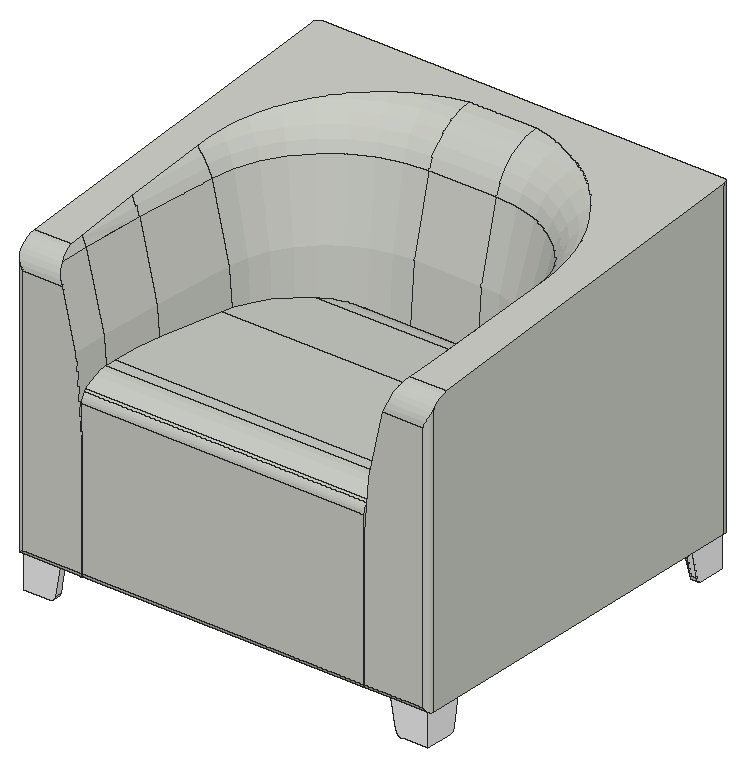
Revit family "Elan_Ellsworth_One_LoungeChair", category Furniture, Revit 2012
Parameters
  Width = 2' - 9"  # constant formula
  URL = "http://elanbydecca.com/"
  Upholstery [instance] = Furniture - DECCA (Elan) - Ellsworth - Upholstery
  Base [instance] = Furniture - DECCA (Elan) - Ellsworth - Base
  Product URL = "http://elanbydecca.com/PDFs/TearSheet/Ellsworth%20Tear%20Sheet.pdf"
  Model = "MK TC300U"
  Manufacturer = "Decca Elan"
  Height = 2' - 4"  # constant formula
  Description = "Ellsworth One Lounge Chair"
  Depth = 2' - 6"  # constant formula
  Assembly Description = "Furniture & Accessories"
  Assembly Code = "E2020200"
Reference planes (in)
  plane 1 "Center Front/Back": y = -0.7523997
  plane 2: z = 0
  plane 3 "Center Left/Right": x = 0
  plane 4 "L": x = -16.5
  plane 5 "R": x = 16.5
  plane 6 "F": y = -15.7523997
  plane 7: y = 14.2476003
  plane 8: through (-6.2533827, 2.3323677, 23.3895262) normal (0.4297, -0.4297, 0.7941)
  plane 9 "ST": z = 28
  plane 10 "BB": z = 2.875
  plane 11: z = 0.1875
  plane 12: x = -16.1875
  plane 13: x = -13.1875
  plane 14: x = 16.1875
  plane 15: x = 13.1875
  plane 16: y = -12.7523997
  plane 17: y = 11.2476003
  plane 18: z = 17
  plane 19: y = 6.2163396
Forms (in)
  Sweep 1, solid, material "Furniture - DECCA (Elan) - Ellsworth - Upholstery" <- "Upholstery"
    path origin (0, 0, 2.875) x (-1, 0, 0) y (0, -1, 0)
      loop
        line (-11.3074654, 15.7523997) -> (-11.3074654, 12.8786985)
        arc (-11.3074654, 12.8786985) -> (-11.263605, 10.3659347) -> (-11.132077, 7.8562324) r 72
        line (-11.132077, 7.8562324) -> (-10.6684186, 1.2256086)
        arc (-10.6684186, 1.2256086) -> (-8.1438931, -4.0671692) -> (-2.6879062, -6.2163396) r 8
        line (-2.6879062, -6.2163396) -> (2.6879062, -6.2163396)
        arc (2.6879062, -6.2163396) -> (8.1438931, -4.0671692) -> (10.6684186, 1.2256086) r 8
        line (10.6684186, 1.2256086) -> (11.132077, 7.8562324)
        arc (11.132077, 7.8562324) -> (11.263605, 10.3659347) -> (11.3074654, 12.8786985) r 72
        line (11.3074654, 12.8786985) -> (11.3074654, 15.7523997)
    profile origin (0, 6.2163396, 2.875) x (0, -1, 0) y (0, 0, 1)
      loop
        line (0, 0) -> (0, 10.0216963)
        arc (0, 10.0216963) -> (-0.4940232, 15.9652318) -> (-1.9625341, 21.7456425) r 36
        arc (-1.9625341, 21.7456425) -> (-3.510919, 23.9274319) -> (-5.992833, 24.9263332) r 4.75
        line (-5.992833, 24.9263332) -> (-15.5, 25.8529092) -> (-15.5, 0) -> (0, 0)
  Extrusion 2, void
    sketch origin (0, 0, 0) x (0, 1, 0) y (0, 0, 1)
      loop
        line (22.7476003, 28.8284167) -> (22.7476003, 31.5) -> (-19.7523997, 31.5) -> (-19.7523997, 0) -> (-15.2523997, 0) -> (-15.2523997, 2.875) -> (-15.4398997, 2.875)
        arc (-15.4398997, 2.875) -> (-15.6608706, 2.9665291) -> (-15.7523997, 3.1875) r 0.3125
        line (-15.7523997, 3.1875) -> (-15.7523997, 23.2616219)
        arc (-15.7523997, 23.2616219) -> (-15.2336163, 24.605496) -> (-13.9464021, 25.2521905) r 2
        line (-13.9464021, 25.2521905) -> (22.7476003, 28.8284167)
    from -27.955407 to 26.8958693
  Extrusion 3, void
    sketch origin (0, 0, 2.875) x (-1, 0, 0) y (0, -1, 0)
      loop
        line (16.5, -13.7476003) -> (16.5, 15.2523997)
        arc (16.5, 15.2523997) -> (16.3535534, 15.6059531) -> (16, 15.7523997) r 0.5
        line (16, 15.7523997) -> (-16, 15.7523997)
        arc (-16, 15.7523997) -> (-16.3535534, 15.6059531) -> (-16.5, 15.2523997) r 0.5
        line (-16.5, 15.2523997) -> (-16.5, -13.7476003)
        arc (-16.5, -13.7476003) -> (-16.3535534, -14.1011536) -> (-16, -14.2476003) r 0.5
        line (-16, -14.2476003) -> (16, -14.2476003)
        arc (16, -14.2476003) -> (16.3535534, -14.1011536) -> (16.5, -13.7476003) r 0.5
      loop
        arc (16, -26.2476003) -> (24.8388348, -22.586435) -> (28.5, -13.7476003) r 12.5
        line (28.5, -13.7476003) -> (28.5, 15.2523997)
        arc (28.5, 15.2523997) -> (24.8388348, 24.0912345) -> (16, 27.7523997) r 12.5
        line (16, 27.7523997) -> (-16, 27.7523997)
        arc (-16, 27.7523997) -> (-24.8388348, 24.0912345) -> (-28.5, 15.2523997) r 12.5
        line (-28.5, 15.2523997) -> (-28.5, -13.7476003)
        arc (-28.5, -13.7476003) -> (-24.8388348, -22.586435) -> (-16, -26.2476003) r 12.5
        line (-16, -26.2476003) -> (16, -26.2476003)
    from -2.875 to 28.625
  Extrusion 4, solid, material "Furniture - DECCA (Elan) - Ellsworth - Upholstery" <- "Upholstery"
    sketch origin (0, 0, 0) x (0, 1, 0) y (0, 0, 1)
      loop
        line (6.2163396, 2.875) -> (6.2163396, 13.8704933)
        arc (6.2163396, 13.8704933) -> (6.0951567, 14.347652) -> (5.7609786, 14.7091639) r 1
        line (5.7609786, 14.7091639) -> (5.5897111, 14.8203862)
        arc (5.5897111, 14.8203862) -> (4.8088435, 15.2135656) -> (3.9612061, 15.4277039) r 4
        line (3.9612061, 15.4277039) -> (-2.4371565, 16.3159994)
        arc (-2.4371565, 16.3159994) -> (-7.3758173, 16.8287963) -> (-12.338077, 17) r 72
        line (-12.338077, 17) -> (-13.278241, 17)
        arc (-13.278241, 17) -> (-14.3533448, 16.8007413) -> (-15.2856328, 16.2294345) r 3
        line (-15.2856328, 16.2294345) -> (-15.4215303, 16.1070718)
        arc (-15.4215303, 16.1070718) -> (-15.6659452, 15.7706636) -> (-15.7523997, 15.3639269) r 1
        line (-15.7523997, 15.3639269) -> (-15.7523997, 3.1875)
        arc (-15.7523997, 3.1875) -> (-15.6608706, 2.9665291) -> (-15.4398997, 2.875) r 0.3125
        line (-15.4398997, 2.875) -> (6.2163396, 2.875)
    from -13.1875 to 13.1875
  Extrusion 5, void
    sketch origin (0, 0, 2.875) x (-1, 0, 0) y (0, -1, 0)
      loop
        arc (-2.6879062, -6.2163396) -> (-8.1438931, -4.0671692) -> (-10.6684186, 1.2256086) r 8
        line (-10.6684186, 1.2256086) -> (-11.132077, 7.8562324)
        arc (-11.132077, 7.8562324) -> (-11.263605, 10.3659347) -> (-11.3074654, 12.8786985) r 72
        line (-11.3074654, 12.8786985) -> (-11.3074654, 15.7523997) -> (-14.6925346, 15.7523997) -> (-14.6925346, -11.2476003) -> (14.8074654, -11.2476003) -> (14.8074654, 15.7523997) -> (11.3074654, 15.7523997) -> (11.3074654, 12.8786985)
        arc (11.3074654, 12.8786985) -> (11.263605, 10.3659347) -> (11.132077, 7.8562324) r 72
        line (11.132077, 7.8562324) -> (10.6684186, 1.2256086)
        arc (10.6684186, 1.2256086) -> (8.1438931, -4.0671692) -> (2.6879062, -6.2163396) r 8
        line (2.6879062, -6.2163396) -> (-2.6879062, -6.2163396)
    from 0 to 15.8970439
Cuts and joins
  Extrusion 2, Extrusion 3 cuts Sweep 1
  Extrusion 5 cuts Extrusion 4
Dimensions and locks (in)
  equal spacing: plane 7, plane 1 "Center Front/Back", plane 6 "F"
  "Depth": plane 7 to plane 6 "F"
  "Height": plane 9 "ST" to level
  equal spacing: plane 4 "L", plane 3 "Center Left/Right", plane 5 "R"
  "Width": plane 4 "L" to plane 5 "R"
  locked: plane 12 to plane 4 "L" at 0.3125
  locked: plane 13 to plane 12 at 3
  locked: plane 15 to plane 14 at 3
  locked: plane 14 to plane 5 "R" at 0.3125
  locked: plane 16 to plane 6 "F" at 3
  locked: plane 7 to plane 17 at 3
  plane 18 to level = 1' - 5"
  locked: plane 6 "F" to nested 1 at 0.3125
  locked: nested 2 to plane 7 at 0.3125
  locked: plane 7 to nested 4 at 0.3125
  locked: nested 3 to plane 6 "F" at 0.3125
  locked: nested 3 to plane 5 "R" at 0.3125
  locked: nested 4 to plane 5 "R" at 0.3125
  locked: plane 4 "L" to nested 2 at 0.3125
  locked: plane 4 "L" to nested 1 at 0.3125
Automatic sketch dimensions
  Sweep 1 sketch curve to plane 6 "F" = 0' - 0"  (x2)
  plane 19 to Sweep 1 sketch curve = 0' - 0"
  plane 16 to Sweep 1 sketch curve = 0' - 0.1263"  (x2)
  Sweep 1 sketch curve to plane 5 "R" = 3' - 8.19253"
  plane 15 to Sweep 1 sketch curve = 0' - 1.88003"
  plane 15 to Sweep 1 sketch curve = 0' - 2.05542"
  plane 1 "Center Front/Back" to Sweep 1 sketch curve = 0' - 0.47321"  (x2)
  plane 15 to Sweep 1 sketch curve = 0' - 2.51908"
  plane 3 "Center Left/Right" to Sweep 1 sketch curve = 0' - 2.68791"
  plane 1 "Center Front/Back" to Sweep 1 sketch curve = 0' - 1 1/32"
  Sweep 1 sketch curve to plane 3 "Center Left/Right" = 0' - 2.68791"
  plane 13 to Sweep 1 sketch curve = 0' - 2.05542"
  Sweep 1 sketch curve to Sweep 1 sketch curve = 0' - 0.17539"
  Sweep 1 sketch curve to plane 4 "L" = 3' - 8.19253"
  Extrusion 3 sketch curve to plane 5 "R" = 0' - 0"
  Extrusion 3 sketch curve to plane 6 "F" = 0' - 0"
  Extrusion 3 sketch curve to plane 7 = 0' - 0"
  Extrusion 3 sketch curve to plane 4 "L" = 0' - 0"
  plane 14 to Extrusion 3 sketch curve = 0' - 0 3/16"  (x2)
  plane 12 to Extrusion 3 sketch curve = 0' - 0 3/16"  (x2)
  Extrusion 3 sketch curve to plane 5 "R" = 1' - 0"
  Extrusion 3 sketch curve to Extrusion 3 sketch curve = 0' - 0"  (x7)
  Sweep 1 sketch curve to plane 10 "BB" = 0' - 0"
  Sweep 1 sketch curve to profile plane = 0' - 0"
  profile plane to Sweep 1 sketch curve = 0' - 1.96253"
  Sweep 1 sketch curve to Sweep 1 sketch curve = 0' - 0"
  Sweep 1 sketch curve to Sweep 1 sketch curve = 0' - 4.0303"
  Sweep 1 sketch curve to Sweep 1 sketch curve = 0' - 0.46076"
  Sweep 1 sketch curve to Sweep 1 sketch curve = 1' - 3 1/2"
  plane 10 "BB" to Sweep 1 sketch curve = 0' - 10.0217"
  Sweep 1 sketch curve to Sweep 1 sketch curve = 1' - 8 1/2"
  Sweep 1 sketch curve to Sweep 1 sketch curve = 0' - 0.92658"
  Extrusion 4 sketch curve to plane 6 "F" = 0' - 0"
  Extrusion 4 sketch curve to plane 10 "BB" = 0' - 0"
  plane 18 to Extrusion 4 sketch curve = 0' - 0"
  Extrusion 4 sketch curve to plane 19 = 0' - 0"
  plane 6 "F" to Extrusion 4 sketch curve = 0' - 0.33087"
  Extrusion 4 sketch curve to Extrusion 4 sketch curve = 0' - 0.1359"
  plane 6 "F" to Extrusion 4 sketch curve = 0' - 0 5/16"
  Extrusion 4 sketch curve to Extrusion 4 sketch curve = 0' - 1"  (x2)
  plane 16 to Extrusion 4 sketch curve = 0' - 0.52584"
  Extrusion 4 sketch curve to plane 16 = 0' - 0.41432"
  plane 18 to Extrusion 4 sketch curve = 0' - 0.684"
  plane 1 "Center Front/Back" to Extrusion 4 sketch curve = 0' - 1.68476"
  plane 19 to Extrusion 4 sketch curve = 0' - 2.80518"
  plane 19 to Extrusion 4 sketch curve = 0' - 2.25513"
  plane 19 to Extrusion 4 sketch curve = 0' - 0.62663"
  Extrusion 4 sketch curve to Extrusion 4 sketch curve = 0' - 0.17127"
  plane 18 to Extrusion 4 sketch curve = 0' - 5.5343"
  Extrusion 4 sketch curve to Extrusion 4 sketch curve = 0' - 2.40479"
  Extrusion 4 sketch curve to Extrusion 4 sketch curve = 0' - 3"
  Extrusion 4 sketch curve to Extrusion 4 sketch curve = 0' - 0.11122"
  Extrusion 4 sketch curve to Extrusion 4 sketch curve = 0' - 0.86551"
  Extrusion 5 sketch curve to plane 17 = 0' - 0"
  Extrusion 5 sketch curve to plane 6 "F" = 0' - 0"  (x2)
  plane 19 to Extrusion 5 sketch curve = 0' - 0"
  plane 16 to Extrusion 5 sketch curve = 0' - 0.1263"  (x2)
  Extrusion 5 sketch curve to plane 5 "R" = 3' - 8.19253"
  plane 14 to Extrusion 5 sketch curve = 0' - 1.49497"
  plane 15 to Extrusion 5 sketch curve = 0' - 1.88003"
  plane 15 to Extrusion 5 sketch curve = 0' - 2.05542"
  plane 1 "Center Front/Back" to Extrusion 5 sketch curve = 0' - 0.47321"  (x2)
  plane 15 to Extrusion 5 sketch curve = 0' - 2.51908"
  plane 3 "Center Left/Right" to Extrusion 5 sketch curve = 0' - 2.68791"
  Extrusion 5 sketch curve to plane 3 "Center Left/Right" = 0' - 2.68791"
  plane 13 to Extrusion 5 sketch curve = 0' - 2.51908"
  plane 13 to Extrusion 5 sketch curve = 0' - 2.05542"
  Extrusion 5 sketch curve to Extrusion 5 sketch curve = 0' - 0.17539"
  plane 12 to Extrusion 5 sketch curve = 0' - 1.38003"
  Extrusion 5 sketch curve to plane 4 "L" = 3' - 8.19253"
  Extrusion 2 sketch curve to level = 0' - 0"
  Extrusion 2 sketch curve to plane 6 "F" = 0' - 0"
  Extrusion 2 sketch curve to plane 10 "BB" = 0' - 0"
  Extrusion 2 sketch curve to plane 6 "F" = 0' - 4"
  Extrusion 2 sketch curve to Extrusion 2 sketch curve = 0' - 0 5/16"
  Extrusion 2 sketch curve to Extrusion 2 sketch curve = 0' - 0 3/16"
  plane 16 to Extrusion 2 sketch curve = 0' - 1.194"
  plane 16 to Extrusion 2 sketch curve = 0' - 1"
  plane 9 "ST" to Extrusion 2 sketch curve = 0' - 3 1/2"
  plane 7 to Extrusion 2 sketch curve = 0' - 8 1/2"
  Extrusion 2 sketch curve to plane 9 "ST" = 0' - 4.73838"
  plane 9 "ST" to Extrusion 2 sketch curve = 0' - 0.82842"
Nested families (in)
  nested 1: "Elan_Ellsworth_One_LoungeLEG" at (-16.1875, -14.6875, 0), Base <- "Base", type "Elan_Ellsworth_One_LoungeLEG"
    with Upholstery Furniture - DECCA (Elan) - Ellsworth - Upholstery, Base Furniture - DECCA (Elan) - Ellsworth - Base
  nested 2: "Elan_Ellsworth_One_LoungeLEG" at (-16.1875, 13.1827005, 0), Base <- "Base", type "Elan_Ellsworth_One_LoungeLEG"
    with Upholstery Furniture - DECCA (Elan) - Ellsworth - Upholstery, Base Furniture - DECCA (Elan) - Ellsworth - Base
  nested 3: "Elan_Ellsworth_One_LoungeLEG" at (16.1875, -14.6875, 0) x (-1, 0, 0) z (0, 0, 1), Base <- "Base", type "Elan_Ellsworth_One_LoungeLEG"
    with Upholstery Furniture - DECCA (Elan) - Ellsworth - Upholstery, Base Furniture - DECCA (Elan) - Ellsworth - Base
  nested 4: "Elan_Ellsworth_One_LoungeLEG" at (16.1875, 13.1827005, 0) x (-1, 0, 0) z (0, 0, 1), Base <- "Base", type "Elan_Ellsworth_One_LoungeLEG"
    with Upholstery Furniture - DECCA (Elan) - Ellsworth - Upholstery, Base Furniture - DECCA (Elan) - Ellsworth - Base
Definition of nested family "Elan_Ellsworth_One_LoungeLEG"
  Parameters (values of type "Elan_Ellsworth_One_LoungeLEG")
    WoodBack = no
    Width = 2' - 9"  # constant formula
    URL = "http://elanbydecca.com/"
    Upholstery [instance] = Furniture - DECCA (Elan) - Ellsworth - Upholstery
    Base [instance] = Furniture - DECCA (Elan) - Ellsworth - Base
    Product URL = "http://elanbydecca.com/PDFs/elan_tearsheet-ava.pdf"
    Model = "MK TC300V"
    Manufacturer = "Decca Elan"
    Height = 2' - 4"  # constant formula
    Description = "Ellsworth One Lounge Chair"
    Depth = 2' - 6"  # constant formula
    Assembly Description = "Furniture & Accessories"
    Assembly Code = "E2020200"
    Back = Furniture - DECCA (Elan) - Ellsworth - Base
  Reference planes (in)
    plane 1 "Center Front/Back": y = -0.7523997
    plane 2: z = 0
    plane 3 "Center Left/Right": x = 0
    plane 4 "L": x = -16.5
    plane 5 "R": x = 16.5
    plane 6 "F": y = -15.7523997
    plane 7: y = 14.2476003
    plane 8: through (-6.2533827, 2.3323677, 23.3895262) normal (0.4297, -0.4297, 0.7941)
    plane 9 "ST": z = 28
    plane 10 "BB": z = 2.875
    plane 11: z = 0.1875
    plane 12: x = -16.1875
    plane 13: x = -13.1875
    plane 14: x = 16.1875
    plane 15: x = 13.1875
    plane 16: y = -12.7523997
    plane 17: y = 11.2476003
    plane 18: z = 17
    plane 19: y = 6.2163396
    plane 20: z = 0.6593324
    plane 21: through (0, 2.2476017, 2.875) normal (0, -0.9824, 0.1869)
    plane 22: through (2.999999, -180, 2.875) normal (0.9828, 0, -0.1848)
    plane 23: x = 2.4946838
    plane 24: y = 1.7363503
  Forms (in)
    Blend 1, solid, material "Furniture - DECCA (Elan) - Ellsworth - Base" <- "Base"
      base sketch origin (0, 0, 2.875) x (-1, 0, 0) y (0, -1, 0)
        loop
          line (-0.5000042, -2.2476017) -> (0, -2.2476026) -> (0, 0.7523997) -> (-2.999999, 0.7523997) -> (-2.9999998, 0.262259) -> (-0.5000042, -2.2476017)
      top sketch origin (0, 0, 2.875) x (-1, 0, 0) y (0, -1, 0)
        loop
          line (-2.4946838, 0.7523997) -> (-2.4946838, 0.3004153) -> (-0.4624296, -1.7363503) -> (0, -1.7363503) -> (0, 0.7523997) -> (-2.4946838, 0.7523997)
      from 0 to -2.6875
    Extrusion 2, void
      sketch origin (0, -0.0063477, 0.0063477) x (0, 1, 0) y (0, 0, 1)
        loop
          line (1.3225002, 0.1875) -> (-0.9359935, 0.1875) -> (-0.9359935, 0.0976562) -> (1.810714, 0.0976562) -> (2.3814143, 3.0976562) -> (2.2899593, 3.0976562) -> (1.8136914, 0.594059)
          arc (1.8136914, 0.594059) -> (1.6413101, 0.3023244) -> (1.3225002, 0.1875) r 0.5
      from -0.4547494 to 3.2404058
    Revolve 3, solid, material "Furniture - DECCA (Elan) - Ellsworth - Base" <- "Base"
      sketch origin (0.8388278, 0, 0) x (0, 1, 0) y (0, 0, 1)
        loop
          line (0.6764794, 0.1934276) -> (0.3024636, 0.1934276) -> (0.3024636, 0) -> (0.6121304, 0)
          arc (0.6121304, 0) -> (0.657632, 0.0188474) -> (0.6764794, 0.064349) r 0.064349
          line (0.6764794, 0.064349) -> (0.6764794, 0.1934276)
        axis (0.3024636, 0) -> (0.3024636, 0.1934276)
      angle from 0 to 360
    Extrusion 4, void
      sketch origin (-0.0043945, -16.4217555, 0.0131836) x (1, 0, 0) y (0, 0, -1)
        loop
          line (-0.25, -0.1875) -> (2.0799345, -0.1875)
          arc (2.0799345, -0.1875) -> (2.3991549, -0.3026646) -> (2.5713238, -0.5951069) r 0.5
          line (2.5713238, -0.5951069) -> (3.064398, -3.2175039) -> (3.064398, 0.0625) -> (-0.25, 0.0625) -> (-0.25, -0.1875)
      from 15.0815486 to 18.9193558
  Cuts and joins
    Extrusion 2, Extrusion 4 cuts Blend 1
  Dimensions and locks (in)
    equal spacing: plane 7, plane 1 "Center Front/Back", plane 6 "F"
    "Depth": plane 7 to plane 6 "F"
    "Height": plane 9 "ST" to level
    equal spacing: plane 4 "L", plane 3 "Center Left/Right", plane 5 "R"
    "Width": plane 4 "L" to plane 5 "R"
    locked: plane 12 to plane 4 "L" at 0.3125
    locked: plane 13 to plane 12 at 3
    locked: plane 15 to plane 14 at 3
    locked: plane 14 to plane 5 "R" at 0.3125
    locked: plane 16 to plane 6 "F" at 3
    locked: plane 7 to plane 17 at 3
    plane 18 to level = 1' - 5"
  Automatic sketch dimensions
    plane 1 "Center Front/Back" to Blend 1 sketch curve = 0' - 0"  (x2)
    Blend 1 sketch curve to plane 3 "Center Left/Right" = 0' - 0"  (x2)
    plane 3 "Center Left/Right" to Blend 1 sketch curve = 0' - 0 1/2"
    Blend 1 sketch curve to plane 23 = 0' - 0.50532"
    Blend 1 sketch curve to Blend 1 sketch curve = 0' - 0"  (x2)
    Blend 1 sketch curve to plane 1 "Center Front/Back" = 0' - 0.49014"
    plane 24 to Blend 1 sketch curve = 0' - 0.51125"
    Blend 1 sketch curve to plane 23 = 0' - 0"
    Blend 1 sketch curve to plane 24 = 0' - 0"
    plane 3 "Center Left/Right" to Blend 1 sketch curve = 0' - 0.46243"
    Blend 1 sketch curve to Blend 1 sketch curve = 0' - 0.45198"
    plane 11 to Extrusion 2 sketch curve = 0' - 0.00635"
    plane 1 "Center Front/Back" to Extrusion 2 sketch curve = 0' - 0.18994"
    Extrusion 2 sketch curve to plane 24 = 0' - 0.4202"
    plane 24 to Extrusion 2 sketch curve = 0' - 0.06802"
    plane 20 to Extrusion 2 sketch curve = 0' - 0.05893"
    plane 24 to Extrusion 2 sketch curve = 0' - 0.07099"
    plane 10 "BB" to Extrusion 2 sketch curve = 0' - 0.229"
    plane 24 to Extrusion 2 sketch curve = 0' - 0.54726"
    Extrusion 2 sketch curve to Extrusion 2 sketch curve = 0' - 0.09145"
    Extrusion 2 sketch curve to plane 11 = 0' - 0.0835"
    Revolve 3 sketch curve to level = 0' - 0"
    plane 11 to Revolve 3 sketch curve = 0' - 0.00593"
    plane 11 to Revolve 3 sketch curve = 0' - 0.14484"
    Revolve 3 sketch curve to plane 1 "Center Front/Back" = 0' - 1.05486"
    Revolve 3 sketch curve to Revolve 3 sketch curve = 0' - 0"
    Revolve 3 sketch curve to Revolve 3 sketch curve = 0' - 0.30967"
    Revolve 3 sketch curve to Revolve 3 sketch curve = 0' - 0.06435"
    Revolve 3 sketch curve to Revolve 3 sketch curve = 0' - 0.0701"
    Extrusion 4 sketch curve to plane 11 = 0' - 0.01318"
    plane 22 to Extrusion 4 sketch curve = 0' - 0.00675"  (x2)
    plane 3 "Center Left/Right" to Extrusion 4 sketch curve = 0' - 0.25439"
    Extrusion 4 sketch curve to plane 23 = 0' - 0.41914"
    plane 23 to Extrusion 4 sketch curve = 0' - 0.07225"
    Extrusion 4 sketch curve to plane 10 "BB" = 0' - 0.35569"
    level to Extrusion 4 sketch curve = 0' - 0.04932"
